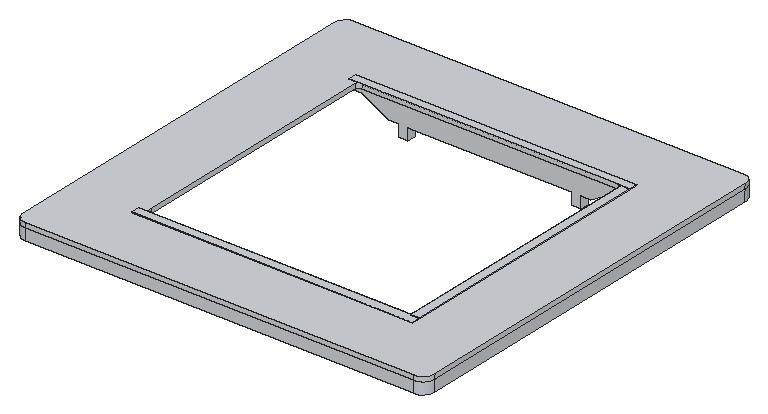
Revit family "Gira_0211235", category Electrical Fixtures, host Face, Revit 2017
Family settings
  Host = Face
  Maintain Annotation Orientation = No
  Round Connector Dimension = Use Diameter
  Part Type = Normal
  Cut with Voids When Loaded = No
  Shared = No
  Room Calculation Point = No
Parameters (values of type "Abdeckrahmen 1f flach Gira E2 Anthrazit")
  Werkstoffgüte = "Thermoplast"
  Werkstoff = "Kunststoff"
  URL = "http://katalog.gira.de/de_DE/datenblatt.html?artikelnr=0211235"
  Transparent = "No"
  Textfeld/Beschriftungsfläche = "No"
  Schutzart (IP) = "IP20"
  Region = "DE"
  Oberfläche = "sonstige"
  Name = "Abdeckrahmen 1f flach Gira E2 Anthrazit"
  Montagerichtung = "horizontal und vertikal"
  Mit Montagerahmen = "No"
  Mit Klappdeckel = "No"
  Manufacturer URL = "https://www.gira.de/"
  Keynote = "E2flach_Rahmen_1fach.stp"
  HeinzeBIM = "https://bimportal.heinze.de/bim/abdeckrahmen-1f-flach-gira-e2-anthrazit/1079c2d752d069c78f8dac03ca772b8203fa82d8"
  Halogenfrei = "Yes"
  HAN = "0211235"
  Geeignet für Unterputz-Installation = "Yes"
  Geeignet für Unterflurkanaldose = "No"
  Geeignet für Geräteeinbaukanal = "No"
  Geeignet für Einbauinstallation = "No"
  GTIN = "4010337021278"
  Farbe = "anthrazit"
  Default Elevation = 1219.2 mm
  Data sheet (1) = "https://katalog.gira.de/de_DE/download.html?artikelnr=0211235"
  Category = "Abdeckrahmen"
  Befestigungsart = "Klemmbefestigung"
  Available = "Yes"
  Anzahl der Einheiten vertikal = "1 "
  Anzahl der Einheiten horizontal = "1 "
  Anzahl der Einheiten = "1 "
Reference planes
  plane 1 "Center (Front/Back)": y = 0
  plane 2: z = 0
  plane 3 "Center (Left/Right)": x = 0
Forms (mm)
  Extrusion 1, solid, detail levels fine
    sketch origin (0, 0, 0) x (1, 0, 0) y (0, 1, 0)
      loop
        arc (-41.4, 43.9) -> (-43.168, 43.168) -> (-43.9, 41.4) r 2.5
        line (-43.9, 41.4) -> (-43.9, -41.4)
        arc (-43.9, -41.4) -> (-43.168, -43.168) -> (-41.4, -43.9) r 2.5
        line (-41.4, -43.9) -> (41.4, -43.9)
        arc (41.4, -43.9) -> (43.168, -43.168) -> (43.9, -41.4) r 2.5
        line (43.9, -41.4) -> (43.9, 41.4)
        arc (43.9, 41.4) -> (43.168, 43.168) -> (41.4, 43.9) r 2.5
        line (41.4, 43.9) -> (-41.4, 43.9)
      loop
        spline (-28.144, -27.245) -> (-28.136, -27.363) -> (-28.113, -27.478) -> (-28.075, -27.589) -> (-28.023, -27.695) -> (-27.958, -27.792) -> (-27.881, -27.881) -> (-27.792, -27.958) -> (-27.695, -28.023) -> (-27.589, -28.075) -> (-27.478, -28.113) -> (-27.363, -28.136) -> (-27.245, -28.144)
        line (-27.245, -28.144) -> (27.245, -28.144)
        spline (27.245, -28.144) -> (27.363, -28.136) -> (27.478, -28.113) -> (27.589, -28.075) -> (27.695, -28.023) -> (27.792, -27.958) -> (27.881, -27.881) -> (27.958, -27.792) -> (28.023, -27.695) -> (28.075, -27.589) -> (28.113, -27.478) -> (28.136, -27.363) -> (28.144, -27.245)
        line (28.144, -27.245) -> (28.144, 27.245)
        spline (28.144, 27.245) -> (28.136, 27.363) -> (28.113, 27.478) -> (28.075, 27.589) -> (28.023, 27.695) -> (27.958, 27.792) -> (27.881, 27.881) -> (27.792, 27.958) -> (27.695, 28.023) -> (27.589, 28.075) -> (27.478, 28.113) -> (27.363, 28.136) -> (27.245, 28.144)
        line (27.245, 28.144) -> (-27.245, 28.144)
        spline (-27.245, 28.144) -> (-27.363, 28.136) -> (-27.478, 28.113) -> (-27.589, 28.075) -> (-27.695, 28.023) -> (-27.792, 27.958) -> (-27.881, 27.881) -> (-27.958, 27.792) -> (-28.023, 27.695) -> (-28.075, 27.589) -> (-28.113, 27.478) -> (-28.136, 27.363) -> (-28.144, 27.245)
        line (-28.144, 27.245) -> (-28.144, -27.245)
    from 2.5 to 3.4
  Extrusion 2, solid, detail levels fine
    sketch origin (0, 0, 0) x (1, 0, 0) y (0, 1, 0)
      loop
        arc (-41.4, 43.9) -> (-43.168, 43.168) -> (-43.9, 41.4) r 2.5
        line (-43.9, 41.4) -> (-43.9, -41.4)
        arc (-43.9, -41.4) -> (-43.168, -43.168) -> (-41.4, -43.9) r 2.5
        line (-41.4, -43.9) -> (41.4, -43.9)
        arc (41.4, -43.9) -> (43.168, -43.168) -> (43.9, -41.4) r 2.5
        line (43.9, -41.4) -> (43.9, 41.4)
        arc (43.9, 41.4) -> (43.168, 43.168) -> (41.4, 43.9) r 2.5
        line (41.4, 43.9) -> (-41.4, 43.9)
      loop
        arc (-41.4, 43.4) -> (-42.814, 42.814) -> (-43.4, 41.4) r 2
        line (-43.4, 41.4) -> (-43.4, -41.4)
        arc (-43.4, -41.4) -> (-42.814, -42.814) -> (-41.4, -43.4) r 2
        line (-41.4, -43.4) -> (41.4, -43.4)
        arc (41.4, -43.4) -> (42.814, -42.814) -> (43.4, -41.4) r 2
        line (43.4, -41.4) -> (43.4, 41.4)
        arc (43.4, 41.4) -> (42.814, 42.814) -> (41.4, 43.4) r 2
        line (41.4, 43.4) -> (-41.4, 43.4)
    from 0 to 2.5
  Extrusion 3, solid, detail levels fine
    sketch origin (0, 0, 0) x (1, 0, 0) y (0, 0, 1)
      loop
        line (-17.5, -4.06) -> (-17.5, -1.56) -> (17.5, -1.56) -> (17.5, -4.06) -> (19.5, -4.06) -> (19.5, -1.56) -> (21.654, -1.56) -> (27.214, 1.65) -> (30, 1.65) -> (30, 3.4) -> (-30, 3.4) -> (-30, 1.65) -> (-27.214, 1.65) -> (-21.654, -1.56) -> (-19.5, -1.56) -> (-19.5, -4.06) -> (-17.5, -4.06)
    from 28.144 to 30
  Extrusion 4, solid, detail levels fine
    sketch origin (0, 0, 0) x (0, -1, 0) y (0, 0, -1)
      loop
        line (-17.5, 4.06) -> (-19.5, 4.06) -> (-19.5, 1.56) -> (-21.654, 1.56) -> (-27.214, -1.65) -> (-28.144, -1.65) -> (-28.144, -3.4) -> (28.144, -3.4) -> (28.144, -1.65) -> (27.214, -1.65) -> (21.654, 1.56) -> (19.5, 1.56) -> (19.5, 4.06) -> (17.5, 4.06) -> (17.5, 1.56) -> (-17.5, 1.56) -> (-17.5, 4.06)
    from 28.144 to 30
  Extrusion 5, solid, detail levels medium
    sketch origin (0, 0, 0) x (0, -1, 0) y (0, 0, 1)
      loop
        line (-17.5, -4.06) -> (-17.5, -1.56) -> (17.5, -1.56) -> (17.5, -4.06) -> (19.5, -4.06) -> (19.5, -1.56) -> (28.144, -1.56) -> (28.144, 3.4) -> (-28.144, 3.4) -> (-28.144, -1.56) -> (-19.5, -1.56) -> (-19.5, -4.06) -> (-17.5, -4.06)
    from 28.144 to 30
  Extrusion 6, solid, detail levels fine
    sketch origin (0, 0, 0) x (1, 0, 0) y (0, 0, -1)
      loop
        line (-17.5, 4.06) -> (-19.5, 4.06) -> (-19.5, 1.56) -> (-21.654, 1.56) -> (-27.214, -1.65) -> (-30, -1.65) -> (-30, -3.4) -> (30, -3.4) -> (30, -1.65) -> (27.214, -1.65) -> (21.654, 1.56) -> (19.5, 1.56) -> (19.5, 4.06) -> (17.5, 4.06) -> (17.5, 1.56) -> (-17.5, 1.56) -> (-17.5, 4.06)
    from 28.144 to 30
  Extrusion 7, solid, detail levels coarse
    sketch origin (0, 0, 0) x (1, 0, 0) y (0, 1, 0)
      loop
        line (-43.9, 43.9) -> (-43.9, -43.9) -> (43.9, -43.9) -> (43.9, 43.9) -> (-43.9, 43.9)
    from -4.06 to 3.4
  Extrusion 8, solid, detail levels medium
    sketch origin (0, 0, 0) x (1, 0, 0) y (0, 1, 0)
      loop
        line (-43.9, 43.9) -> (-43.9, -43.9) -> (43.9, -43.9) -> (43.9, 43.9) -> (-43.9, 43.9)
    from 0 to 3.4
  Extrusion 9, solid, detail levels medium
    sketch origin (0, 0, 0) x (1, 0, 0) y (0, 0, 1)
      loop
        line (-17.5, -4.06) -> (-17.5, -1.56) -> (17.5, -1.56) -> (17.5, -4.06) -> (19.5, -4.06) -> (19.5, -1.56) -> (30, -1.56) -> (30, 3.4) -> (-30, 3.4) -> (-30, -1.56) -> (-19.5, -1.56) -> (-19.5, -4.06) -> (-17.5, -4.06)
    from 28.144 to 30
  Extrusion 10, solid, detail levels medium
    sketch origin (0, 0, 0) x (1, 0, 0) y (0, 0, -1)
      loop
        line (-17.5, 4.06) -> (-19.5, 4.06) -> (-19.5, 1.56) -> (-30, 1.56) -> (-30, -3.4) -> (30, -3.4) -> (30, 1.56) -> (19.5, 1.56) -> (19.5, 4.06) -> (17.5, 4.06) -> (17.5, 1.56) -> (-17.5, 1.56) -> (-17.5, 4.06)
    from 28.144 to 30
  Extrusion 11, solid, detail levels medium
    sketch origin (0, 0, 0) x (0, -1, 0) y (0, 0, -1)
      loop
        line (-17.5, 4.06) -> (-19.5, 4.06) -> (-19.5, 1.56) -> (-28.144, 1.56) -> (-28.144, -3.4) -> (28.144, -3.4) -> (28.144, 1.56) -> (19.5, 1.56) -> (19.5, 4.06) -> (17.5, 4.06) -> (17.5, 1.56) -> (-17.5, 1.56) -> (-17.5, 4.06)
    from 28.144 to 30
Dimensions and locks
  aligned and locked: plane 2 to host face
  aligned and locked: level to host face
